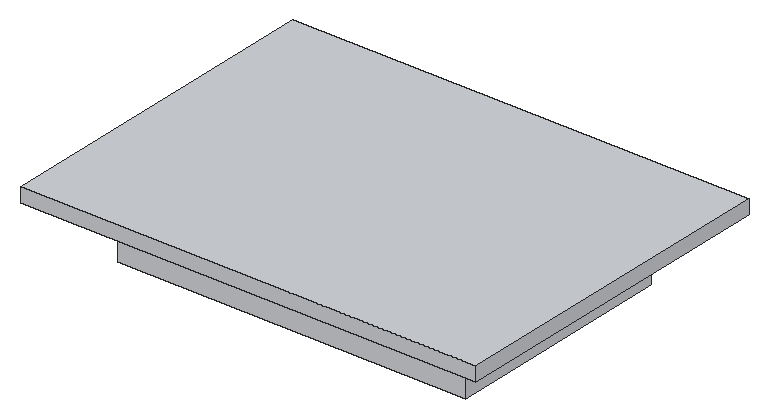
Revit family "10f5ac4f263f4c7ba82bfe91538fbfd7", category Air Terminals, host Face, Revit 2021
Family settings
  Host = Face
  Round Connector Dimension = Use Diameter
  Part Type = Normal
  OmniClass Number = 23.75.70.21.27.11
  OmniClass Title = Diffusers, Registers, and Grilles
  Seek Item ID = Return Register - Rectangular - Floor Mounted-0000-USA-ENU
  Cut with Voids When Loaded = No
  Shared = No
  Room Calculation Point = No
Parameters (values of type "6"x4"")
  Pressure Drop [instance] = 0.084 in-wg
  Half N = Half Width / (0' 0 3/4")  # 4
  Register Material = none
  Half Width = Duct Width / 2  # 3"
  Half Height = Duct Height / 2  # 2"
  Flow [instance] = 150 CFM
  Duct Width = 6"
  Duct Height = 4"
  Default Elevation = 4' - 0"
Types (11): name | Pressure Drop | Half N | Half Width | Half Height | Flow | Duct Width | Duct Height
  (no name) | 0.084 in-wg | 4 | 3" | 2" | 150 CFM | 6" | 4"
  6"x4" | 0.084 in-wg | 4 | 3" | 2" | 150 CFM | 6" | 4"
  6"x6" | 0.16 in-wg | 4 | 3" | 3" | 150 CFM | 6" | 6"
  8"x4" | 0.084 in-wg | 5 | 4" | 2" | 200 CFM | 8" | 4"
  10"x4" | 0.084 in-wg | 7 | 5" | 2" | 200 CFM | 10" | 4"
  12"x4" | 0.086 in-wg | 8 | 6" | 2" | 250 CFM | 12" | 4"
  12"x12" | 0.92 in-wg | 8 | 6" | 6" | 400 CFM | 12" | 12"
  16"x12" | 0.039 in-wg | 11 | 8" | 6" | 1000 CFM | 16" | 12"
  20"x12" | 0.05 in-wg | 13 | 10" | 6" | 1400 CFM | 20" | 12"
  24"x4" | 0.061 in-wg | 16 | 12" | 2" | 600 CFM | 24" | 4"
  24"x24" | 0.135 in-wg | 16 | 12" | 12" | 1800 CFM | 24" | 24"
Reference planes (in)
  plane 1 "Center (Front/Back)": y = 0
  plane 2: z = 0
  plane 3 "Center (Left/Right)": x = 0
  plane 4: x = -3
  plane 5: x = 3
  plane 6: y = 2
  plane 7: y = -2
  plane 8: x = 3.9375
  plane 9: x = -3.9375
  plane 10: y = 2.9375
  plane 11: y = -2.9375
  plane 12 "11": z = 0.25
  plane 13: z = -1
  plane 14: x = -0.75
  plane 15: x = 0.75
Forms (in)
  Extrusion 1, solid, material <- "Register Material"
    sketch origin (0, 0, 0) x (1, 0, 0) y (0, 1, 0)
      loop
        line (-3, -2) -> (3, -2) -> (3, 2) -> (-3, 2) -> (-3, -2)
    from 0 to -1
  Extrusion 2, solid, material <- "Register Material"
    sketch origin (0, 0, 0) x (1, 0, 0) y (0, 1, 0)
      loop
        line (-3.9375, -2.9375) -> (3.9375, -2.9375) -> (3.9375, 2.9375) -> (-3.9375, 2.9375) -> (-3.9375, -2.9375)
    from 0 to 0.25
Cuts and joins
  joined: Extrusion 1, Extrusion 2
Lines and regions (in)
  model lines
    curve 1: line (-3, -2, 0.25) -> (3, -2, 0.25)
    curve 2: line (-3, 2, 0.25) -> (-3, -2, 0.25)
    curve 3: line (3, 2, 0.25) -> (-3, 2, 0.25)
    curve 4: line (3, -2, 0.25) -> (3, 2, 0.25)
  symbolic lines
    curve 5: line (-3.9375, 2.9375, 0.25) -> (3.9375, 2.9375, 0.25)
    curve 6: line (-3.9375, -2.9375, 0.25) -> (-3.9375, 2.9375, 0.25)
    curve 7: line (3.9375, -2.9375, 0.25) -> (-3.9375, -2.9375, 0.25)
    curve 8: line (3.9375, 2.9375, 0.25) -> (3.9375, -2.9375, 0.25)
  symbolic lines, detail levels fine
    curve 9: line (-3, 2, 0.25) -> (3, 2, 0.25)
    curve 10: line (-3, -2, 0.25) -> (-3, 2, 0.25)
    curve 11: line (3, -2, 0.25) -> (-3, -2, 0.25)
    curve 12: line (3, 2, 0.25) -> (3, -2, 0.25)
Dimensions and locks (in)
  equal spacing: plane 4, plane 3 "Center (Left/Right)", plane 5
  "Half Width": plane 4 to plane 3 "Center (Left/Right)"
  equal spacing: plane 6, plane 1 "Center (Front/Back)", plane 7
  "Half Height": plane 6 to plane 1 "Center (Front/Back)"
  locked: plane 8 to plane 5 at 0.9375
  locked: plane 9 to plane 4 at 0.9375
  locked: plane 10 to plane 6 at 0.9375
  locked: plane 11 to plane 7 at 0.9375
  locked: plane 12 "11" to plane 2 at 0.25
  locked: plane 13 to plane 2 at 1
  plane 14 to plane 3 "Center (Left/Right)" to plane 15 = 0' - 0 3/4" locked, 0' - 0 3/4" locked
  equal spacing: group 1, group 2, group 3, group 4  (x3)
  equal spacing: group 7, group 6, group 5, group 1
  equal spacing: group 1, group 5, group 6, group 7  (x2)
  locked: connector elem to plane 3 "Center (Left/Right)"
  locked: connector elem to plane 1 "Center (Front/Back)"
  aligned and locked: plane 2 to host face
  aligned and locked: level to host face
  aligned and locked: plane 4 to Extrusion 1 sketch curve
  aligned and locked: Extrusion 1 sketch curve to plane 7
  aligned and locked: plane 6 to Extrusion 1 sketch curve
  aligned and locked: plane 5 to Extrusion 1 sketch curve
  aligned and locked: Extrusion 1 to plane 2
  aligned and locked: Extrusion 1 to plane 13
  aligned and locked: plane 9 to Extrusion 2 sketch curve
  aligned and locked: Extrusion 2 sketch curve to plane 11
  aligned and locked: plane 10 to Extrusion 2 sketch curve
  aligned and locked: plane 8 to Extrusion 2 sketch curve
  aligned and locked: Extrusion 2 to plane 2
  aligned and locked: plane 12 "11" to Extrusion 2
  aligned and locked: plane 3 "Center (Left/Right)" to nested 1
  aligned and locked: nested 1 to plane 12 "11"
  aligned and locked: plane 6 to nested 1
  aligned and locked: plane 7 to nested 1
  aligned and locked: plane 15 to nested 2
  aligned and locked: plane 14 to nested 5
  aligned and locked: Extrusion 1 to curve 1
  aligned and locked: curve 1 to Extrusion 1
  aligned and locked: curve 4 to Extrusion 1
  aligned and locked: curve 5 to cut or joined group of Extrusion 1, Extrusion 2  (x2)
  aligned and locked: cut or joined group of Extrusion 1, Extrusion 2 to curve 8
  aligned and locked: curve 8 to cut or joined group of Extrusion 1, Extrusion 2
  aligned and locked: cut or joined group of Extrusion 1, Extrusion 2 to plane 4
  aligned and locked: curve 9 to plane 6
  aligned and locked: curve 12 to curve 4
Automatic sketch dimensions
  curve 4 to plane 5 = 0' - 0"
  host sketch curve to host sketch curve = 6' - 5.05922"
  host sketch curve to host sketch curve = 8' - 0"
Nested families (in)
  nested 1: "Rectangular Floor Supply Air Register_Grid Line" at (0, 0, 0.25), type "Rectangular Floor Return Air Register_Grid Line"
  nested 2: "Rectangular Floor Supply Air Register_Grid Line" at (0.75, 0, 0.25), type "Rectangular Floor Return Air Register_Grid Line"
  nested 3: "Rectangular Floor Supply Air Register_Grid Line" at (1.5, 0, 0.25), type "Rectangular Floor Return Air Register_Grid Line"
  nested 4: "Rectangular Floor Supply Air Register_Grid Line" at (2.25, 0, 0.25), type "Rectangular Floor Return Air Register_Grid Line"
  nested 5: "Rectangular Floor Supply Air Register_Grid Line" at (-0.75, 0, 0.25), type "Rectangular Floor Return Air Register_Grid Line"
  nested 6: "Rectangular Floor Supply Air Register_Grid Line" at (-1.5, 0, 0.25), type "Rectangular Floor Return Air Register_Grid Line"
  nested 7: "Rectangular Floor Supply Air Register_Grid Line" at (-2.25, 0, 0.25), type "Rectangular Floor Return Air Register_Grid Line"
Connectors (in)
  hvac at (0, 0, -1), driven by "Duct Height", driven by "Duct Width", driven by "Flow", driven by "Pressure Drop"
    settings: on plane 13, index 1, duct flow 150 CFM, flow factor 0, pres drop 0.084 in-wg, loss coef 0, conn angle 0.00°, conn width 6", conn height 4", conn diameter 24", duct sys type 2, conn prof type 1, flow config 1, flow direction 2, loss method 4, conn ref index -1, conn util no, is conn primary yes, conn desc ""
Definition of nested family "Rectangular Floor Supply Air Register_Grid Line"
  Parameters
    Half Height = 0' - 2"
    Default Elevation = 0' - 0"
    Assembly Code = ""
  Reference planes (in)
    plane 1 "Center (Front/Back)": y = 0
    plane 2: z = 0
    plane 3 "Center (Left/Right)": x = 0
    plane 4: y = 2
    plane 5: y = -2
  Lines and regions (in)
    model lines
      curve 1: line (0, 2, 0) -> (0, -2, 0)
  Dimensions and locks (in)
    equal spacing: plane 4, plane 1 "Center (Front/Back)", plane 5
    "Half Height": plane 4 to plane 1 "Center (Front/Back)"
    aligned and locked: curve 1 to plane 3 "Center (Left/Right)"
    aligned and locked: plane 4 to curve 1
    aligned and locked: plane 5 to curve 1
